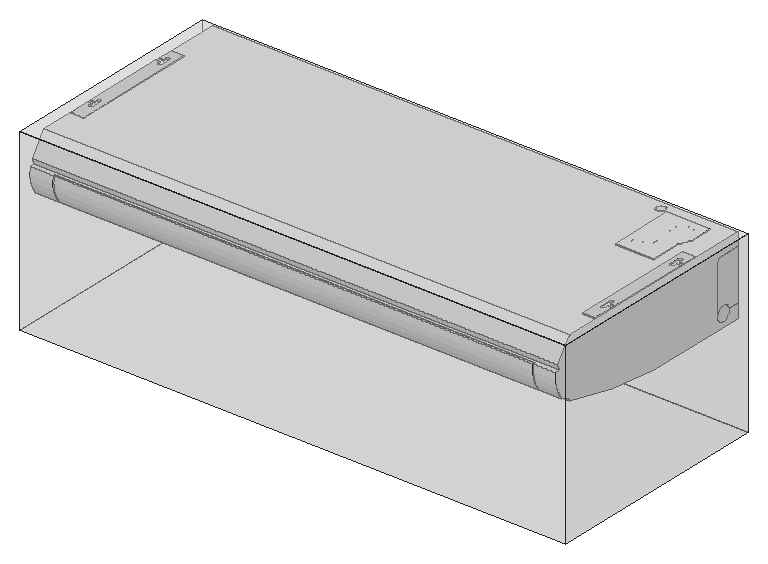
Revit family "outputfile", category 機械設備, Revit 2024
Family settings
  丸型コネクタ寸法 = 半径を使用
  パーツ タイプ = 標準
  OmniClass 番号 = 23.75.10.24.21.27.27
  OmniClass タイトル = Split System Air Conditioning Units
  作業面ベース = いいえ
  常に垂直 = はい
  ロード時にボイドで切り取り = いいえ
  注釈の向きを維持 = いいえ
  共有 = いいえ
  部屋計算ポイント = はい
Parameters (values of type "FHA140CVMA")
  製造元 = "Daikin"
  書き出し IFC クラス(タイプ) = "IfcUnitaryEquipmentType"
  定義済み IFC タイプ(タイプ) = "AIRCONDITIONINGUNIT"
  モデル = "FHA140CVMA"
  switch_frequency = yes
  r_Liquid Pipe Size = Liquid Pipe Size / 2  # 4.75 mm
  r_Gas Pipe Size = Gas Pipe Size / 2  # 7.95 mm
  r_Drain Pipe Size = Drain Pipe Size / 2  # 10.0 mm
  l_powersupply [instance] = if(Rear Right Connection_powersupply, 29.0 mm, 175.0 mm)  # 29.0 mm
  h_mountinghole = 2.0 mm
  connector_voltage = Voltage_50Hz  # 230 V
  connector_powerinput = [Power Input (Cooling)]  # 5.400 kW
  connector_phase = Phase_50Hz  # 1
  angle_vertical_powersupply [instance] = if(Rear Right Connection_powersupply, 90.00°, 180.00°)  # 90.00°
  angle_vertical_drainpipe [instance] = if(or(Left Connection_drainpipe, Right Connection_drainpipe), 90.00°, if(Top Connection_drainpipe, 180.00°, -90.00°))  # -90.00°
  angle_horizontal_powersupply [instance] = if(Rear Right Connection_powersupply, 180.00°, 0.00°)  # 180.00°
  angle_horizontal_drainpipe [instance] = if(Right Connection_drainpipe, 90.00°, if(Left Connection_drainpipe, -90.00°, 0.00°))  # 0.00°
  Voltage_comment_60Hz = "220-230"
  Voltage_comment_50Hz = "220-240"
  Voltage_60Hz = 220 V
  Voltage_50Hz = 230 V
  Total Heating Capacity [instance] = 0.000 kW
  Top Connection_refrigerant [instance] = no
  Top Connection_powersupply [instance] = not(Rear Right Connection_powersupply)  # no
  Right Connection_refrigerant [instance] = no
  Rear Right Connection_refrigerant [instance] = yes
  Phase_60Hz = 1
  Phase_50Hz = 1
  Material_Casing = DAIKIN_White_Casing_indoorunit
  lw_powersupply [instance] = if(Rear Right Connection_powersupply, 220.0 mm, 210.0 mm)  # 220.0 mm
  lw_mountinghole_pitch = Width - 40.0 mm  # 1550.0 mm
  lw_mountinghole = 20.0 mm
  lw_liquidpipe [instance] = if(Right Connection_refrigerant, 156.0 mm, if(Top Connection_refrigerant, 156.0 mm, 136.0 mm))  # 136.0 mm
  lw_gaspipe = 105.0 mm
  lw_drainpipe [instance] = if(Top Connection_drainpipe, 102.0 mm, if(Width = 960.0 mm, if(or(Left Connection_drainpipe, Rear Left Connection_drainpipe), 884.0 mm, 83.0 mm), if(Width = 1270.0 mm, if(or(Left Connection_drainpipe, Rear Left Connection_drainpipe), 1194.0 mm, 83.0 mm), if(Width = 1590.0 mm, if(or(Left Connection_drainpipe, Rear Left Connection_drainpipe), 1514.0 mm, 83.0 mm), 83.0 mm))))  # 83.0 mm
  lh_powersupply = 175.0 mm
  lh_liquidpipe [instance] = if(Rear Right Connection_refrigerant, 160.0 mm, 131.0 mm)  # 160.0 mm
  lh_gaspipe [instance] = if(Rear Right Connection_refrigerant, 150.0 mm, 91.0 mm)  # 150.0 mm
  lh_drainpipe = 197.0 mm
  l_antena = 1.0 mm
  ld_powersupply = 30.0 mm
  ld_mountinghole_pitch = 260.0 mm
  ld_mountinghole = 210.0 mm
  ld_liquidpipe [instance] = if(Right Connection_refrigerant, 57.0 mm, if(Top Connection_refrigerant, 189.0 mm, 221.0 mm))  # 221.0 mm
  ld_gaspipe [instance] = if(Right Connection_refrigerant, 57.0 mm, if(Top Connection_refrigerant, 163.0 mm, 214.0 mm))  # 214.0 mm
  ld_drainpipe [instance] = if(or(Left Connection_drainpipe, Right Connection_drainpipe), 57.0 mm, if(Top Connection_drainpipe, 87.0 mm, 268.0 mm))  # 268.0 mm
  l_liquidpipe_length [instance] = if(Right Connection_refrigerant, 156.0 mm, if(Top Connection_refrigerant, 131.0 mm, 220.0 mm))  # 220.0 mm
  l_gaspipe_length [instance] = if(Right Connection_refrigerant, 105.0 mm, if(Top Connection_refrigerant, 91.0 mm, 213.0 mm))  # 213.0 mm
  l_drainpipe_length [instance] = if(Right Connection_drainpipe, 83.0 mm, if(Top Connection_drainpipe, 197.0 mm, if(Left Connection_drainpipe, 76.0 mm, 267.0 mm)))  # 267.0 mm
  h*** = 0.0 mm
  angle_vertical [instance] = if(Right Connection_refrigerant, 90.00°, if(Top Connection_refrigerant, 180.00°, -90.00°))  # -90.00°
  angle_horizontal [instance] = if(Right Connection_refrigerant, 90.00°, 0.00°)  # 0.00°
  Width = 1590.0 mm
  Version = "ver.1.0"
  Unit Type = "Ceiling"
  Unit Mass Weight = 38.00 kg
  Unit Designation [instance] = ""
  Uniclass2015Version = "Products v1.30"
  Uniclass2015Title = "Split coil room air conditioning units"
  Uniclass2015Code = "Pr_70_65_03_86"
  Total Cooling Capacity [instance] = 0.000 kW
  Top Connection_drainpipe [instance] = no
  Sound Pressure Level_M speed (dBA) = 42
  Sound Pressure Level_L speed (dBA) = 38
  Sound Pressure Level_H speed (dBA) = 46
  Series = "SkyAir_Fan Coil Unit"
  Sensible Cooling Capacity [instance] = 0.000 kW
  Rear Right Connection_drainpipe [instance] = yes
  Rear Right Connection_powersupply [instance] = yes
  Right Connection_drainpipe [instance] = no
  Refrigerant Type = "R32"
  Power Input (Cooling) = 5.400 kW
  Option Accessory 3 [instance] = ""
  Option Accessory 2 [instance] = ""
  Option Accessory 1 [instance] = ""
  Nominal Cooling Capacity = 14.000 kW
  Minimum Airflow = 1440.00 m³/h
  Median Airflow = 1740.00 m³/h
  Maximum Airflow = 2040.00 m³/h
  Load Classification = HVAC
  Liquid Pipe Size = 9.5 mm
  Link_Nested Family [instance] = ""
  Rear Left Connection_drainpipe [instance] = no
  Left Connection_drainpipe [instance] = no
  IfcVersion = ""
  IfcExportType = "AIRCONDITIONINGUNIT"
  IfcExportAs = "IfcUnitaryEquipmentType"
  Height = 235.0 mm
  Heating Entering Wet Bulb Temperature [instance] = -273.15 °C
  Heating Entering Dry Bulb Temperature [instance] = -273.15 °C
  Heating Ambient Wet Bulb Temperature [instance] = -273.15 °C
  Heating Ambient Dry Bulb Temperature [instance] = -273.15 °C
  Heat Exchanger Type = "Cross Fin Coil"
  Gas Pipe Size = 15.9 mm
  Frequency_60Hz = 60 Hz
  Frequency_50Hz = 50 Hz
  Fan Type = "Sirocco Fan"
  Fan Drive = "Direct Drive"
  FCU Tag No. [instance] = ""
  Drain Pipe Size = 20.0 mm
  Design Supply Airflow [instance] = 0.00 m³/h
  Design Outdoor Airflow [instance] = 0.00 m³/h
  Depth = 690.0 mm
  既定の高さ = 0.0 mm
  Cooling Entering Wet Bulb Temperature [instance] = 0.00 °C
  Cooling Entering Dry Bulb Temperature [instance] = 0.00 °C
  Cooling Ambient Wet Bulb Temperature [instance] = 0.00 °C
  Cooling Ambient Dry Bulb Temperature [instance] = 0.00 °C
  Clearance visibility [instance] = yes
  Clearance Top = 5.0 mm
  Clearance Right = 30.0 mm
  Clearance Rear = 0.0 mm
  Clearance Left = 30.0 mm
  Clearance Front = 0.0 mm
  Clearance Bottom = 300.0 mm
Reference planes
  plane 1 "Back": y = 0
  plane 2: z = 0
  plane 3 "Center (Left/Right)": x = 0
  plane 4 "Center (Front/Back)": y = -1
  plane 5 "Front": y = -690
  plane 6 "Left": x = -795
  plane 7 "Right": x = 795
  plane 8 "Top": z = 0
  plane 9 "Bottom": z = -235
  plane 10: y = -690
  plane 11: x = -825
  plane 12: x = 825
  plane 13: z = 5
  plane 14: z = -535
  plane 15: y = 0
  plane 16 "lw_mountinghole": x = -775
  plane 17 "lw_mountinghole2": x = 775
  plane 18 "ld_mountinghole": y = -210
  plane 19 "ld_mountinghole2": y = -470
  plane 20 "lw_gaspipe": x = 690
  plane 21 "ld_gaspipe": y = -214
  plane 22 "lh_gaspipe": z = -150
  plane 23 "lw_liquidpipe": x = 659
  plane 24 "ld_liquidpipe": y = -221
  plane 25 "lh_liquidpipe": z = -160
  plane 26 "ld_drainpipe": y = -268
  plane 27 "lw_drainpipe": x = 712
  plane 28 "lh_drainpipe": z = -197
  plane 29 "lw_powersupply": x = 575
  plane 30 "lh_powersupply": z = -175
  plane 31 "ld_powersupply": y = -30
  plane 32: x = -725.5
  plane 33: x = 725.5
  plane 34: x = -750
  plane 35: x = 750
  plane 36: x = -2
  plane 37: x = 2
Forms (mm)
  Extrusion 1, solid, material "DAIKIN_White_Casing_indoorunit" <- "Material_Casing"
    sketch origin (0, 0, 0) x (0, 1, 0) y (0, 0, 1)
      loop
        line (-639.277, 0) -> (-680.876, -61.699) -> (-675.026, -77.772)
        arc (-675.026, -77.772) -> (-681.815, -78.743) -> (-688.601, -79.732) r 2634.132
        arc (-688.601, -79.732) -> (-687.018, -121.096) -> (-669.159, -158.439) r 102.2
        line (-669.159, -158.439) -> (-639.858, -169.325) -> (-635.895, -178.261)
        arc (-635.895, -178.261) -> (-479.121, -215.759) -> (-319.077, -235) r 1400.997
        line (-319.077, -235) -> (-1, -235) -> (-1, 0) -> (-639.277, 0)
    from -795 to 795
  Extrusion 2, solid, material "DAIKIN_White_Casing_indoorunit" <- "Material_Casing"
    sketch origin (0, 0, 0) x (0, 1, 0) y (0, 0, 1)
      loop
        arc (-688.601, -79.732) -> (-687.018, -121.096) -> (-669.159, -158.439) r 102.2
        line (-669.159, -158.439) -> (-665.589, -154.869)
        arc (-665.589, -154.869) -> (-682.432, -118.783) -> (-683.39, -78.971) r 97.2
        arc (-683.39, -78.971) -> (-685.996, -79.351) -> (-688.601, -79.732) r 2634.132
    from -725.5 to 725.5
  Extrusion 3, void
    sketch origin (0, 0, 0) x (0, 1, 0) y (0, 0, 1)
      loop
        line (-301.098, -235) -> (-21.098, -235) -> (-21.098, -230) -> (-301.098, -230) -> (-301.098, -235)
    from -750 to 750
  Extrusion 4, solid, material "DAIKIN_White_Grille_indoorunit"
    sketch origin (0, 0, 0) x (0, 1, 0) y (0, 0, 1)
      loop
        line (-20.098, -230) -> (-301.098, -230) -> (-301.098, -235) -> (-20.098, -235) -> (-20.098, -230)
    from -750 to -2
  Extrusion 5, solid, material "DAIKIN_White_Casing_indoorunit" <- "Material_Casing"
    sketch origin (0, 0, 0) x (1, 0, 0) y (0, 0, 1)
      loop
        line (602, -63) -> (602, -178) -> (673, -220) -> (736, -220) -> (736, -63) -> (602, -63)
    from 0 to 1
  Extrusion 6, solid, material "DAIKIN_White_Casing_indoorunit" <- "Material_Casing"
    sketch origin (0, 0, 0) x (-1, 0, 0) y (0, -1, 0)
      loop
        line (-607, 35) -> (-607, 230) -> (-723, 230) -> (-723, 135) -> (-738, 105) -> (-738, 35) -> (-607, 35)
    from 0 to 1.9
  Extrusion 7, void
    sketch origin (795, 0, 0) x (0, 1, 0) y (0, 0, 1)
      loop
        arc (-79.5, -197) -> (-55.446, -219.446) -> (-34.715, -193.9) r 22.5
        line (-34.715, -193.9) -> (-1, -193.9) -> (-1, -192.1) -> (-35.04, -192.1)
        arc (-35.04, -192.1) -> (-54.942, -174.594) -> (-77.7, -188.182) r 22.5
        line (-77.7, -188.182) -> (-77.7, -45)
        arc (-77.7, -45) -> (-76.528, -42.172) -> (-73.7, -41) r 4
        line (-73.7, -41) -> (-1, -41) -> (-1, -39.2) -> (-73.7, -39.2)
        arc (-73.7, -39.2) -> (-77.801, -40.899) -> (-79.5, -45) r 5.8
        line (-79.5, -45) -> (-79.5, -197)
      loop
        circle (-57, -197) r 20.7
    from 0 to -10
  Extrusion 8, void
    sketch origin (-1444.026, -1, 1200) x (1, 0, 0) y (0, 0, 1)
      loop
        arc (715.026, -1375) -> (704.42, -1379.393) -> (700.026, -1390) r 15
        line (700.026, -1390) -> (700.026, -1400)
        arc (700.026, -1400) -> (704.42, -1410.607) -> (715.026, -1415) r 15
        line (715.026, -1415) -> (745.026, -1415)
        arc (745.026, -1415) -> (755.633, -1410.607) -> (760.026, -1400) r 15
        line (760.026, -1400) -> (760.026, -1390)
        arc (760.026, -1390) -> (755.633, -1379.393) -> (745.026, -1375) r 15
        line (745.026, -1375) -> (715.026, -1375)
    from 0 to 10
  Extrusion 9, void
    sketch origin (-795, 0, 0) x (0, 1, 0) y (0, 0, 1)
      loop
        circle (-57, -197) r 22.5
    from 0 to 10
  Extrusion 10, void
    sketch origin (-1444.026, -1, 1200) x (1, 0, 0) y (0, 0, 1)
      loop
        circle (2136.026, -1375) r 44
    from 0 to 10
  Extrusion 11, void
    sketch origin (0, 0, 0) x (-1, 0, 0) y (0, -1, 0)
      loop
        circle (-693, 87) r 30
    from 0 to -10
  Extrusion 12, void
    sketch origin (0, 0, 0) x (-1, 0, 0) y (0, -1, 0)
      loop
        circle (-690, 163) r 18
    from 0 to -10
  Extrusion 13, void
    sketch origin (0, 0, 0) x (-1, 0, 0) y (0, -1, 0)
      loop
        circle (-639, 189) r 13
    from 0 to -10
  Extrusion 14, void
    sketch origin (-1444.026, -1, 1200) x (1, 0, 0) y (0, 0, 1)
      loop
        circle (2019.026, -1375) r 14.5
    from 0 to 10
  Extrusion 15, void
    sketch origin (0, 0, 0) x (-1, 0, 0) y (0, -1, 0)
      loop
        circle (-585, 30) r 14.5
    from 0 to -10
  Extrusion 16, void
    sketch origin (795, 0, 0) x (0, 1, 0) y (0, 0, 1)
      loop
        arc (-665.589, -154.869) -> (-682.432, -118.783) -> (-683.39, -78.971) r 97.2
        arc (-683.39, -78.971) -> (-685.996, -79.351) -> (-688.601, -79.732) r 2634.132
        arc (-688.601, -79.732) -> (-687.018, -121.096) -> (-669.159, -158.439) r 102.2
        line (-669.159, -158.439) -> (-665.589, -154.869)
    from -69.5 to -1520.5
  Extrusion 17, solid, material "DAIKIN_White_Casing_indoorunit" <- "Material_Casing"
    sketch origin (-795, 0, 0) x (0, 1, 0) y (0, 0, 1)
      loop
        circle (-57, -197) r 22.5
    from 0 to 10
  Extrusion 18, solid, material "DAIKIN_White_Grille_indoorunit"
    sketch origin (780, 0, 0) x (0, 1, 0) y (0, 0, 1)
      loop
        line (-20.098, -230) -> (-301.098, -230) -> (-301.098, -235) -> (-20.098, -235) -> (-20.098, -230)
    from -782 to -778
  Extrusion 19, solid, material "DAIKIN_White_Grille_indoorunit"
    sketch origin (0, 0, 0) x (0, 1, 0) y (0, 0, -1)
      loop
        line (-20.098, 230) -> (-20.098, 235) -> (-301.098, 235) -> (-301.098, 230) -> (-20.098, 230)
    from -750 to -2
Cuts and joins
  Extrusion 3, Extrusion 7, Extrusion 8, Extrusion 9, Extrusion 10, Extrusion 11, Extrusion 12, Extrusion 13, Extrusion 14, Extrusion 15, Extrusion 16 cuts Extrusion 1
Lines and regions (mm)
  reference lines
    curve 1: line (795, -580.282, -192.75) -> (795, -551.225, -200.21)
Dimensions and locks
  equal spacing: plane 6 "Left", plane 3 "Center (Left/Right)", plane 7 "Right"
  "Width": plane 6 "Left" to plane 7 "Right"
  "Depth": plane 5 "Front" to plane 1 "Back"
  "Height": plane 8 "Top" to plane 9 "Bottom"
  "Clearance Front": plane 10 to plane 5 "Front"
  "Clearance Left": plane 11 to plane 6 "Left"
  "Clearance Right": plane 7 "Right" to plane 12
  "Clearance Top": plane 13 to plane 8 "Top"
  "Clearance Bottom": plane 9 "Bottom" to plane 14
  "Clearance Rear": plane 1 "Back" to plane 15
  locked: plane 4 "Center (Front/Back)" to plane 1 "Back" at 1
  locked: Extrusion 1 sketch curve to Extrusion 1 sketch curve at 235
  locked: Extrusion 1 sketch curve to Extrusion 1 sketch curve at 318.077
  locked: Extrusion 1 sketch curve to Extrusion 1 sketch curve at 1163.297
  locked: Extrusion 1 sketch curve to Extrusion 1 sketch curve at 231.144
  Extrusion 3 sketch curve to Extrusion 3 sketch curve to plane 1 "Back" = 280.0 mm locked, 21.098 mm locked
  "ld_mountinghole": plane 18 "ld_mountinghole" to plane 1 "Back"
  "ld_mountinghole_pitch": plane 18 "ld_mountinghole" to plane 19 "ld_mountinghole2"
  "lw_mountinghole_pitch": plane 16 "lw_mountinghole" to plane 17 "lw_mountinghole2"
  "lw_mountinghole": plane 6 "Left" to plane 16 "lw_mountinghole"
  "lw_gaspipe": plane 20 "lw_gaspipe" to plane 7 "Right"
  "ld_gaspipe": plane 1 "Back" to plane 21 "ld_gaspipe"
  "lw_liquidpipe": plane 23 "lw_liquidpipe" to plane 7 "Right"
  "ld_liquidpipe": plane 1 "Back" to plane 24 "ld_liquidpipe"
  "lw_drainpipe": plane 27 "lw_drainpipe" to plane 7 "Right"
  "ld_drainpipe": plane 26 "ld_drainpipe" to plane 1 "Back"
  plane 8 "Top" to Extrusion 5 sketch curve to Extrusion 5 sketch curve = 63.0 mm locked, 157.0 mm locked
  plane 7 "Right" to Extrusion 5 sketch curve to Extrusion 5 sketch curve = 59.0 mm locked, 134.0 mm locked
  locked: Extrusion 5 sketch curve to Extrusion 5 sketch curve at 115
  locked: Extrusion 5 sketch curve to Extrusion 5 sketch curve at 63
  locked: Extrusion 6 sketch curve to Extrusion 6 sketch curve at 195
  locked: Extrusion 6 sketch curve to Extrusion 6 sketch curve at 116
  locked: Extrusion 6 sketch curve to Extrusion 6 sketch curve at 131
  locked: Extrusion 6 sketch curve to Extrusion 6 sketch curve at 100
  locked: Extrusion 6 sketch curve to plane 1 "Back" at 35
  locked: Extrusion 6 sketch curve to plane 7 "Right" at 57
  locked: Extrusion 8 sketch curve to Extrusion 8 sketch curve at 40
  locked: Extrusion 8 sketch curve to Extrusion 8 sketch curve at 60
  locked: plane 8 "Top" to Extrusion 8 sketch curve at 175
  locked: Extrusion 8 sketch curve to plane 6 "Left" at 51
  locked: plane 7 "Right" to Extrusion 10 sketch curve at 103
  locked: plane 8 "Top" to Extrusion 10 sketch curve at 175
  locked: Extrusion 11 sketch curve to plane 1 "Back" at 87
  locked: Extrusion 11 sketch curve to plane 7 "Right" at 102
  locked: Extrusion 12 sketch curve to plane 1 "Back" at 163
  locked: Extrusion 12 sketch curve to plane 7 "Right" at 105
  locked: Extrusion 13 sketch curve to plane 1 "Back" at 189
  locked: Extrusion 13 sketch curve to plane 7 "Right" at 156
  "lw_powersupply": plane 29 "lw_powersupply" to plane 7 "Right"
  "lh_gaspipe": plane 8 "Top" to plane 22 "lh_gaspipe"
  "lh_liquidpipe": plane 8 "Top" to plane 25 "lh_liquidpipe"
  "lh_powersupply": plane 8 "Top" to plane 30 "lh_powersupply"
  "lh_drainpipe": plane 8 "Top" to plane 28 "lh_drainpipe"
  "ld_powersupply": plane 1 "Back" to plane 31 "ld_powersupply"
  locked: plane 8 "Top" to Extrusion 7 sketch curve at 197
  locked: Extrusion 7 sketch curve to plane 1 "Back" at 57
  locked: plane 9 "Bottom" to Extrusion 7 sketch curve at 41.1
  locked: Extrusion 7 sketch curve to plane 8 "Top" at 41
  locked: Extrusion 7 sketch curve to plane 1 "Back" at 79.5
  locked: Extrusion 9 sketch curve to plane 1 "Back" at 57
  locked: plane 8 "Top" to Extrusion 9 sketch curve at 197
  locked: Extrusion 17 sketch curve to plane 1 "Back" at 57
  locked: plane 8 "Top" to Extrusion 17 sketch curve at 197
  locked: plane 7 "Right" to Extrusion 14 sketch curve at 220
  locked: plane 8 "Top" to Extrusion 14 sketch curve at 175
  locked: Extrusion 15 sketch curve to plane 7 "Right" at 210
  locked: Extrusion 15 sketch curve to plane 1 "Back" at 30
  locked: curve 1 to plane 9 "Bottom" at 34.79
  locked: curve 1 to plane 9 "Bottom" at 42.25
  locked: plane 6 "Left" to plane 32 at 69.5
  locked: plane 33 to plane 7 "Right" at 69.5
  locked: plane 35 to plane 7 "Right" at 45
  locked: plane 6 "Left" to plane 34 at 45
  plane 36 to plane 3 "Center (Left/Right)" to plane 37 = 2.0 mm locked, 2.0 mm locked
  locked: curve 1 to plane 9 "Bottom" (angle 14.40°)
  aligned and locked: level to plane 2
  aligned and locked: nested 1 to plane 11
  aligned and locked: nested 1 to plane 12
  aligned and locked: nested 1 to plane 10
  aligned and locked: plane 13 to nested 1
  aligned and locked: plane 14 to nested 1
  aligned and locked: plane 15 to nested 1
  aligned and locked: Extrusion 1 sketch curve to plane 8 "Top"
  aligned and locked: Extrusion 2 sketch curve to Extrusion 1  (x2)
  aligned and locked: plane 7 "Right" to Extrusion 1
  aligned and locked: Extrusion 1 to plane 6 "Left"
  aligned and locked: cut or joined group 1 (Extrusion 1, Extrusion 3, Extrusion 7, Extrusion 8, Extrusion 9, Extrusion 10, Extrusion 11, Extrusion 12, Extrusion 13, Extrusion 14, Extrusion 15, Extrusion 16) to Extrusion 3 sketch curve
  aligned and locked: cut or joined group 1 to Extrusion 4 sketch curve
  aligned and locked: Extrusion 5 to plane 4 "Center (Front/Back)"
  aligned and locked: Extrusion 7 sketch curve to plane 4 "Center (Front/Back)"
  aligned and locked: Extrusion 16 sketch curve to Extrusion 2  (x4)
  aligned and locked: Extrusion 16 to Extrusion 2  (x2)
  aligned and locked: nested 2 to plane 26 "ld_drainpipe"
  aligned and locked: plane 27 "lw_drainpipe" to nested 2
  aligned and locked: plane 20 "lw_gaspipe" to nested 3
  aligned and locked: nested 3 to plane 21 "ld_gaspipe"
  aligned and locked: plane 23 "lw_liquidpipe" to nested 4
  aligned and locked: nested 4 to plane 24 "ld_liquidpipe"
  aligned and locked: plane 25 "lh_liquidpipe" to nested 4
  aligned and locked: nested 5 to plane 31 "ld_powersupply"
  aligned and locked: plane 29 "lw_powersupply" to nested 5
  aligned and locked: nested 7 to plane 18 "ld_mountinghole"
  aligned and locked: plane 16 "lw_mountinghole" to nested 7
  aligned and locked: nested 6 to plane 19 "ld_mountinghole2"
  aligned and locked: plane 16 "lw_mountinghole" to nested 6
  aligned and locked: nested 9 to plane 18 "ld_mountinghole"
  aligned and locked: plane 17 "lw_mountinghole2" to nested 9
  aligned and locked: plane 17 "lw_mountinghole2" to nested 8
  aligned and locked: nested 8 to plane 19 "ld_mountinghole2"
  aligned and locked: nested 10 to curve 1
  aligned and locked: level to plane 8 "Top"
  aligned and locked: cut or joined group 1 to plane 32
  aligned and locked: plane 33 to cut or joined group 1
  aligned and locked: Extrusion 16 to plane 32
  aligned and locked: plane 33 to Extrusion 16
  aligned and locked: Extrusion 4 to plane 34
  aligned and locked: cut or joined group 1 to plane 34
  aligned and locked: plane 34 to Extrusion 4  (x3)
  aligned and locked: plane 16 "lw_mountinghole" to nested 11
  aligned and locked: plane 17 "lw_mountinghole2" to nested 12
  aligned and locked: plane 36 to Extrusion 4
  aligned and locked: Extrusion 18 to plane 36
  aligned and locked: plane 37 to Extrusion 18
  aligned and locked: Extrusion 19 to plane 37
  aligned and locked: plane 37 to Extrusion 19
  aligned and locked: plane 35 to Extrusion 19
  aligned and locked: plane 35 to Extrusion 3
  aligned and locked: Extrusion 4 to cut or joined group 1
  aligned and locked: cut or joined group 1 to Extrusion 18
  aligned and locked: cut or joined group 1 to Extrusion 19
Automatic sketch dimensions
  Extrusion 1 sketch curve to plane 4 "Center (Front/Back)" = 0.0 mm
  Extrusion 1 sketch curve to plane 5 "Front" = 102.2 mm
  Extrusion 1 sketch curve to plane 30 "lh_powersupply" = 3.261 mm
  Extrusion 1 sketch curve to plane 5 "Front" = 50.723 mm
  plane 30 "lh_powersupply" to Extrusion 1 sketch curve = 5.675 mm
  Extrusion 1 sketch curve to Extrusion 1 sketch curve = 3.963 mm
  plane 25 "lh_liquidpipe" to Extrusion 1 sketch curve = 1.561 mm
  Extrusion 1 sketch curve to plane 5 "Front" = 20.841 mm
  Extrusion 1 sketch curve to plane 5 "Front" = 14.974 mm
  Extrusion 1 sketch curve to plane 5 "Front" = 9.124 mm
  Extrusion 1 sketch curve to plane 26 "ld_drainpipe" = 37.278 mm
  Extrusion 1 sketch curve to plane 14 = 2150.825 mm
  plane 22 "lh_gaspipe" to Extrusion 1 sketch curve = 53.413 mm
  Extrusion 1 sketch curve to level = 77.772 mm
  Extrusion 1 sketch curve to Extrusion 1 sketch curve = 16.072 mm
  Extrusion 2 sketch curve to Extrusion 2 sketch curve = 0.0 mm  (x2)
  plane 25 "lh_liquidpipe" to Extrusion 2 sketch curve = 1.561 mm
  Extrusion 2 sketch curve to plane 22 "lh_gaspipe" = 4.869 mm
  Extrusion 2 sketch curve to Extrusion 2 sketch curve = 3.57 mm
  Extrusion 3 sketch curve to Extrusion 3 sketch curve = 5.0 mm
  plane 31 "ld_powersupply" to Extrusion 4 sketch curve = 9.902 mm
  Extrusion 4 sketch curve to Extrusion 4 sketch curve = 5.0 mm
  Extrusion 6 sketch curve to Extrusion 6 sketch curve = 30.0 mm
  Extrusion 7 sketch curve to Extrusion 7 sketch curve = 0.0 mm  (x6)
  Extrusion 7 sketch curve to plane 4 "Center (Front/Back)" = 0.0 mm
  Extrusion 7 sketch curve to Extrusion 7 sketch curve = 1.8 mm  (x2)
  Extrusion 7 sketch curve to Extrusion 7 sketch curve = 4.0 mm
  Extrusion 7 sketch curve to Extrusion 7 sketch curve = 0.325 mm
  Extrusion 8 sketch curve to plane 32 = 3.5 mm  (x2)
  Extrusion 8 sketch curve to plane 28 "lh_drainpipe" = 3.0 mm
  Extrusion 8 sketch curve to Extrusion 8 sketch curve = 15.0 mm
  curve 1 to plane 5 "Front" = 109.718 mm
  Extrusion 18 sketch curve to plane 9 "Bottom" = 0.0 mm
  plane 9 "Bottom" to Extrusion 18 sketch curve = 5.0 mm
  Extrusion 18 sketch curve to plane 26 "ld_drainpipe" = 33.098 mm
  plane 31 "ld_powersupply" to Extrusion 18 sketch curve = 9.902 mm
  Extrusion 19 sketch curve to plane 9 "Bottom" = 0.0 mm
  plane 9 "Bottom" to Extrusion 19 sketch curve = 5.0 mm
  Extrusion 19 sketch curve to plane 26 "ld_drainpipe" = 33.098 mm
  plane 31 "ld_powersupply" to Extrusion 19 sketch curve = 9.902 mm
  Extrusion 4 sketch curve to plane 26 "ld_drainpipe" = 33.098 mm
  radius of Extrusion 7 sketch curve = 20.7 mm
  radius of Extrusion 9 sketch curve = 22.5 mm
  radius of Extrusion 10 sketch curve = 44.0 mm
  radius of Extrusion 11 sketch curve = 30.0 mm
  radius of Extrusion 12 sketch curve = 18.0 mm
  radius of Extrusion 13 sketch curve = 13.0 mm
  radius of Extrusion 14 sketch curve = 14.5 mm
  radius of Extrusion 15 sketch curve = 14.5 mm
  radius of Extrusion 17 sketch curve = 22.5 mm
Nested families
  nested 1: "daikin_clearancespace" at (0, -345, -264.881), visible <- "Clearance visibility", show <- "Clearance visibility", Link_Nested Family <- "Link_Nested Family", type "daikin_clearancespace"
    with width 1650.0 mm, show yes, height 540.0 mm, depth 690.0 mm, Link_Nested Family ""
  nested 2: "daikin_connector_rotate3" at (712, -268, -197), radius <- "r_Drain Pipe Size", angle_vertical <- "angle_vertical_drainpipe", angle_horizontal <- "angle_horizontal_drainpipe", length <- "l_drainpipe_length", type "daikin_connector_rotate3"
    with show no, radius 10.0 mm, length 267.0 mm, angle_vertical -90.00°, angle_horizontal 0.00°
  nested 3: "daikin_connector_rotate3" at (690, -214, -150), radius <- "r_Gas Pipe Size", angle_vertical <- "angle_vertical", angle_horizontal <- "angle_horizontal", length <- "l_gaspipe_length", type "daikin_connector_rotate3"
    with show no, radius 7.95 mm, length 213.0 mm, angle_vertical -90.00°, angle_horizontal 0.00°
  nested 4: "daikin_connector_rotate3" at (659, -221, -160), radius <- "r_Liquid Pipe Size", angle_vertical <- "angle_vertical", angle_horizontal <- "angle_horizontal", length <- "l_liquidpipe_length", type "daikin_connector_rotate3"
    with show no, radius 4.75 mm, length 220.0 mm, angle_vertical -90.00°, angle_horizontal 0.00°
  nested 5: "daikin_connector_rotate3" at (575, -30, -175), length <- "l_powersupply", angle_vertical <- "angle_vertical_powersupply", angle_horizontal <- "angle_horizontal_powersupply", type "daikin_connector_rotate3"
    with show no, radius 10.0 mm, length 29.0 mm, angle_vertical 90.00°, angle_horizontal 180.00°
  nested 6: "daikin_mountinghole" at (-775, -470, 0), l_antenna <- "l_antena", Link_Nested Family <- "Link_Nested Family", h_mountinghole <- "h_mountinghole", type "daikin_mountinghole"
    with show yes, l_antenna 1.0 mm, h_mountinghole 2.0 mm, Link_Nested Family ""
  nested 7: "daikin_mountinghole" at (-775, -210, 0), l_antenna <- "l_antena", Link_Nested Family <- "Link_Nested Family", h_mountinghole <- "h_mountinghole", type "daikin_mountinghole"
    with show yes, l_antenna 1.0 mm, h_mountinghole 2.0 mm, Link_Nested Family ""
  nested 8: "daikin_mountinghole" at (775, -470, 0), l_antenna <- "l_antena", Link_Nested Family <- "Link_Nested Family", h_mountinghole <- "h_mountinghole", type "daikin_mountinghole"
    with show yes, l_antenna 1.0 mm, h_mountinghole 2.0 mm, Link_Nested Family ""
  nested 9: "daikin_mountinghole" at (775, -210, 0), Link_Nested Family <- "Link_Nested Family", l_antenna <- "l_antena", h_mountinghole <- "h_mountinghole", type "daikin_mountinghole"
    with show yes, l_antenna 1.0 mm, h_mountinghole 2.0 mm, Link_Nested Family ""
  nested 10: "daikin_logo_plane_w40" at (647.963, -559.801, -198.008) x (1, 0, 0) z (0, -0.2487, -0.9686), type "daikin_logo_plane_w40"
    with show_logo yes
  nested 11: "daikin_hangerfixture_FHA-CVMA" at (-775, 0, 0), type "daikin_hangerfixture_FHA-CVMA"
    with width 38.0 mm, height 2.0 mm, depth 380.0 mm
  nested 12: "daikin_hangerfixture_FHA-CVMA" at (775, 0, 0) x (-1, 0, 0) z (0, 0, 1), type "daikin_hangerfixture_FHA-CVMA"
    with width 38.0 mm, height 2.0 mm, depth 380.0 mm
Connectors
  piping at (712, -1, -197), diameter 20, driven by "r_Drain Pipe Size"
    settings: on nested 2, index 1, connector inside diameter 609.6 mm, connector length 0.0 mm, flow factor 0, pipe flow 0.00 m³/h, pressure drop 0.0 Pa, fitting loss kfactor 0, connector angle 0.00°, fixture units 0, engagement length 0.0 mm, angle of deflection 0.00°, flow configuration 1, flow direction 2, fitting loss method 4, system type 16, joint type 0, gender type 0, connector reference index -1, connector utility 0, adjustable connector no, is connector primary yes, connector description "Condensate Drain Piping"
  piping at (690, -1, -150), diameter 15.9, driven by "r_Gas Pipe Size"
    settings: on nested 3, index 3, connector inside diameter 609.6 mm, connector length 0.0 mm, flow factor 0, pipe flow 0.00 m³/h, pressure drop 0.0 Pa, fitting loss kfactor 0, connector angle 0.00°, fixture units 0, engagement length 0.0 mm, angle of deflection 0.00°, flow configuration 1, flow direction 2, fitting loss method 0, system type 29, joint type 0, gender type 0, connector reference index -1, connector utility 0, adjustable connector no, is connector primary no, connector description "Refrigerant Gas Piping"
  piping at (659, -1, -160), diameter 9.5, driven by "r_Liquid Pipe Size"
    settings: on nested 4, index 4, connector inside diameter 609.6 mm, connector length 0.0 mm, flow factor 0, pipe flow 0.00 m³/h, pressure drop 0.0 Pa, fitting loss kfactor 0, connector angle 0.00°, fixture units 0, engagement length 0.0 mm, angle of deflection 0.00°, flow configuration 1, flow direction 1, fitting loss method 0, system type 29, joint type 0, gender type 0, connector reference index -1, connector utility 0, adjustable connector no, is connector primary no, connector description "Refrigerant Liquid Piping"
  electrical at (575, -1, -175), driven by "Load Classification", driven by "connector_powerinput", driven by "connector_phase", driven by "connector_voltage"
    settings: on nested 5, index 6, voltage 230 V, apparent load 5400 VA, apparent load phase1 0 VA, apparent load phase2 0 VA, apparent load phase3 0 VA, power factor 1, load classification "HVAC", number of poles 1, system type 30, power factor state 1, is connector primary yes, connector utility no, sub classification motor no, connector description "Power Supply"
Definition of nested family "daikin_clearancespace"
  Parameters (values of type "daikin_clearancespace")
    Description = "daikin_clearancespace"
    width [instance] = 1823.963 mm
    show [instance] = yes
    material = none
    height [instance] = 1359.762 mm
    depth [instance] = 880.0 mm
    Default Elevation = 0.0 mm
    Link_Nested Family [instance] = ""
  Reference planes
    plane 1 "Center (Front/Back)": y = 0
    plane 2 "Center (Elevation)": z = -0.119
    plane 3 "Center (Left/Right)": x = 0
    plane 4: y = 440
    plane 5: y = -440
    plane 6 "Right": x = 911.982
    plane 7 "Left": x = -911.982
    plane 8 "Top": z = 679.762
    plane 9 "Bottom": z = -680
  Forms (mm)
    Extrusion 1, solid, material <- "material", visible <- "show"
      sketch origin (0, 0, 0) x (1, 0, 0) y (0, 1, 0)
        loop
          line (-911.982, 440) -> (-911.982, -440) -> (911.982, -440) -> (911.982, 440) -> (-911.982, 440)
      from -680 to 679.762
  Lines and regions (mm)
    symbolic lines, visible <- "show"
      curve 1: line (911.982, 440, 0) -> (-911.982, 440, 0)
      curve 2: line (-911.982, 440, 0) -> (-911.982, -440, 0)
      curve 3: line (-911.982, -440, 0) -> (911.982, -440, 0)
      curve 4: line (911.982, -440, 0) -> (911.982, 440, 0)
      curve 5: line (911.982, 0, 679.762) -> (-911.982, 0, 679.762)
      curve 6: line (911.982, 0, -680) -> (911.982, 0, 679.762)
      curve 7: line (-911.982, 0, -680) -> (911.982, 0, -680)
      curve 8: line (-911.982, 0, 679.762) -> (-911.982, 0, -680)
      curve 9: line (0, 440, 679.762) -> (0, -440, 679.762)
      curve 10: line (0, -440, 679.762) -> (0, -440, -680)
      curve 11: line (0, 440, -680) -> (0, 440, 679.762)
      curve 12: line (0, -440, -680) -> (0, 440, -680)
  Dimensions and locks
    "width": plane 7 "Left" to plane 6 "Right"
    "depth": plane 4 to plane 5
    "height": plane 8 "Top" to plane 9 "Bottom"
    equal spacing: plane 7 "Left", plane 3 "Center (Left/Right)", plane 6 "Right"
    equal spacing: plane 4, plane 1 "Center (Front/Back)", plane 5
    equal spacing: plane 8 "Top", plane 2 "Center (Elevation)", plane 9 "Bottom"
    aligned and locked: level to plane 2 "Center (Elevation)"
    aligned and locked: Extrusion 1 sketch curve to plane 4
    aligned and locked: plane 7 "Left" to Extrusion 1 sketch curve
    aligned and locked: Extrusion 1 sketch curve to plane 5
    aligned and locked: Extrusion 1 sketch curve to plane 6 "Right"
    aligned and locked: plane 8 "Top" to Extrusion 1
    aligned and locked: curve 1 to Extrusion 1
    aligned and locked: curve 2 to Extrusion 1
    aligned and locked: curve 3 to Extrusion 1
    aligned and locked: curve 4 to Extrusion 1
    aligned and locked: curve 5 to Extrusion 1
    aligned and locked: curve 6 to Extrusion 1
    aligned and locked: curve 7 to Extrusion 1
    aligned and locked: curve 8 to Extrusion 1
    aligned and locked: curve 9 to Extrusion 1
    aligned and locked: curve 10 to Extrusion 1
    aligned and locked: curve 11 to Extrusion 1
    aligned and locked: curve 12 to Extrusion 1
    aligned and locked: Extrusion 1 to plane 9 "Bottom"
Definition of nested family "daikin_logo_plane_w40"
  Parameters (values of type "daikin_logo_plane_w40")
    width = 40.0 mm
    show_logo [instance] = yes
    material = none
    height = 0.0 mm
    depth = 0.0 mm
    Default Elevation = 1219.2 mm
  Reference planes
    plane 1 "Center (Front/Back)": y = 0
    plane 2: z = 0
    plane 3 "Center (Left/Right)": x = 0
    plane 4: z = 2
    plane 5 "left": x = -19
    plane 6: x = 19
  Forms (mm)
    Extrusion 1, solid, visible <- "show_logo"
      sketch origin (-19, 0, 0) x (1, 0, 0) y (0, 1, 0)
        loop
          line (8.902, -1.878) -> (7.789, -6.332) -> (11.13, -6.332)
          arc (11.13, -6.332) -> (12.454, -6.064) -> (13.472, -5.176) r 2.642
          arc (13.472, -5.176) -> (13.92, -4.02) -> (13.767, -2.79) r 2.537
          arc (13.767, -2.79) -> (13.452, -2.342) -> (12.982, -2.06) r 1.321
          arc (12.982, -2.06) -> (12.063, -1.902) -> (11.13, -1.878) r 6.479
          line (11.13, -1.878) -> (8.902, -1.878)
        loop
          line (10.016, -5.441) -> (10.907, -5.441)
          arc (10.907, -5.441) -> (11.591, -4.983) -> (11.988, -4.261) r 1.742
          spline (11.988, -4.261) -> (12.01, -4.155) -> (12.027, -4.03) -> (12.037, -3.893) -> (12.037, -3.747) -> (12.026, -3.598) -> (12.002, -3.451) -> (11.962, -3.31) -> (11.905, -3.181) -> (11.829, -3.069) -> (11.731, -2.978) -> (11.61, -2.913) -> (11.464, -2.88)
          line (11.464, -2.88) -> (10.573, -2.88) -> (10.016, -5.441)
        loop
          line (13.58, -6.332) -> (14.805, -6.332) -> (15.223, -5.553) -> (16.977, -5.553) -> (17.144, -6.332) -> (19.149, -6.332) -> (18.258, -1.878) -> (16.03, -1.878) -> (13.58, -6.332)
        loop
          line (16.476, -3.214) -> (15.76, -4.551) -> (16.762, -4.551) -> (16.476, -3.214)
        loop
          line (19.705, -6.332) -> (21.599, -6.332) -> (22.712, -1.878) -> (20.819, -1.878) -> (19.705, -6.332)
        loop
          line (22.712, -6.332) -> (24.606, -6.332) -> (24.908, -5.122) -> (25.831, -6.332) -> (28.17, -6.332) -> (26.388, -3.994) -> (28.949, -1.878) -> (26.945, -1.878) -> (25.401, -3.153) -> (25.719, -1.878) -> (23.826, -1.878) -> (22.712, -6.332)
        loop
          line (29.84, -1.878) -> (28.615, -6.332) -> (30.62, -6.332) -> (31.734, -1.878) -> (29.84, -1.878)
        loop
          line (31.734, -6.332) -> (33.07, -6.332) -> (33.7, -3.814) -> (34.518, -6.332) -> (36.745, -6.332) -> (37.859, -1.878) -> (36.523, -1.878) -> (35.845, -4.589) -> (34.963, -1.878) -> (32.847, -1.878) -> (31.734, -6.332)
      from 0 to 2
    Extrusion 2, solid, visible <- "show_logo"
      sketch origin (-19, 0, 0) x (1, 0, 0) y (0, 1, 0)
        loop
          line (8.7, 0) -> (4.235, 0) -> (0, -3.879) -> (0, -8) -> (8.7, 0)
      from 0 to 2
    Extrusion 3, solid, visible <- "show_logo"
      sketch origin (-19, 0, 0) x (1, 0, 0) y (0, 1, 0)
        loop
          line (0, 0) -> (0, -3.879) -> (4.235, 0) -> (0, 0)
      from 0 to 2
  Dimensions and locks
    plane 4 to plane 2 = 2.0 mm
    equal spacing: plane 5 "left", plane 3 "Center (Left/Right)", plane 6
    locked: plane 5 "left" to plane 6 at 38
    aligned and locked: level to plane 2
    aligned and locked: Extrusion 3 to plane 1 "Center (Front/Back)"  (x2)
    aligned and locked: Extrusion 2 to plane 1 "Center (Front/Back)"  (x2)
    aligned and locked: plane 4 to Extrusion 1
    aligned and locked: plane 4 to Extrusion 3
    aligned and locked: plane 4 to Extrusion 2
    aligned and locked: Extrusion 3 to plane 5 "left"
    aligned and locked: Extrusion 2 to plane 5 "left"
  Automatic sketch dimensions
    Extrusion 1 sketch curve to Extrusion 1 sketch curve = 0.901 mm
    Extrusion 1 sketch curve to Extrusion 1 sketch curve = 1.559 mm
    Extrusion 1 sketch curve to Extrusion 1 sketch curve = 1.327 mm
    Extrusion 1 sketch curve to Extrusion 1 sketch curve = 2.145 mm
    Extrusion 1 sketch curve to Extrusion 1 sketch curve = 1.448 mm
    Extrusion 1 sketch curve to Extrusion 1 sketch curve = 2.116 mm
    Extrusion 1 sketch curve to Extrusion 1 sketch curve = 1.114 mm  (x4)
    Extrusion 1 sketch curve to Extrusion 1 sketch curve = 1.336 mm  (x2)
    plane 1 "Center (Front/Back)" to Extrusion 1 sketch curve = 1.878 mm  (x5)
    Extrusion 1 sketch curve to Extrusion 1 sketch curve = 1.893 mm  (x5)
    Extrusion 1 sketch curve to Extrusion 1 sketch curve = 0.891 mm  (x4)
    Extrusion 1 sketch curve to Extrusion 1 sketch curve = 2.005 mm  (x3)
    Extrusion 1 sketch curve to Extrusion 1 sketch curve = 0.445 mm  (x2)
    plane 1 "Center (Front/Back)" to Extrusion 1 sketch curve = 3.994 mm
    Extrusion 1 sketch curve to Extrusion 1 sketch curve = 0.557 mm  (x2)
    Extrusion 1 sketch curve to Extrusion 1 sketch curve = 2.339 mm  (x2)
    Extrusion 1 sketch curve to Extrusion 1 sketch curve = 1.225 mm  (x3)
    plane 1 "Center (Front/Back)" to Extrusion 1 sketch curve = 3.153 mm
    Extrusion 1 sketch curve to Extrusion 1 sketch curve = 0.987 mm
    plane 1 "Center (Front/Back)" to Extrusion 1 sketch curve = 5.122 mm
    Extrusion 1 sketch curve to Extrusion 1 sketch curve = 0.922 mm
    plane 1 "Center (Front/Back)" to Extrusion 1 sketch curve = 6.332 mm
    Extrusion 1 sketch curve to Extrusion 1 sketch curve = 2.562 mm
    plane 1 "Center (Front/Back)" to Extrusion 1 sketch curve = 5.553 mm
    Extrusion 1 sketch curve to Extrusion 1 sketch curve = 0.167 mm
    Extrusion 1 sketch curve to Extrusion 1 sketch curve = 0.215 mm
    plane 1 "Center (Front/Back)" to Extrusion 1 sketch curve = 3.214 mm
    Extrusion 1 sketch curve to Extrusion 1 sketch curve = 0.286 mm
    plane 1 "Center (Front/Back)" to Extrusion 1 sketch curve = 4.551 mm
    Extrusion 1 sketch curve to Extrusion 1 sketch curve = 1.002 mm
    Extrusion 1 sketch curve to Extrusion 1 sketch curve = 0.537 mm
    Extrusion 1 sketch curve to Extrusion 1 sketch curve = 0.418 mm
    Extrusion 1 sketch curve to Extrusion 1 sketch curve = 1.028 mm
    plane 1 "Center (Front/Back)" to Extrusion 1 sketch curve = 4.261 mm
    Extrusion 1 sketch curve to Extrusion 1 sketch curve = 0.563 mm
    plane 1 "Center (Front/Back)" to Extrusion 1 sketch curve = 2.88 mm
    Extrusion 1 sketch curve to Extrusion 1 sketch curve = 1.088 mm
    Extrusion 1 sketch curve to Extrusion 1 sketch curve = 2.152 mm
    Extrusion 1 sketch curve to Extrusion 1 sketch curve = 0.586 mm
    Extrusion 1 sketch curve to Extrusion 1 sketch curve = 0.118 mm
    Extrusion 1 sketch curve to Extrusion 1 sketch curve = 0.298 mm
    Extrusion 1 sketch curve to Extrusion 1 sketch curve = 0.334 mm
    Extrusion 1 sketch curve to Extrusion 1 sketch curve = 0.223 mm
    Extrusion 1 sketch curve to Extrusion 1 sketch curve = 0.266 mm
    Extrusion 1 sketch curve to Extrusion 1 sketch curve = 1.671 mm
    Extrusion 1 sketch curve to Extrusion 1 sketch curve = 2.227 mm
    Extrusion 1 sketch curve to Extrusion 1 sketch curve = 0.0 mm  (x7)
    Extrusion 1 sketch curve to Extrusion 1 sketch curve = 3.453 mm
    Extrusion 1 sketch curve to Extrusion 1 sketch curve = 2.017 mm
    Extrusion 1 sketch curve to Extrusion 1 sketch curve = 0.78 mm  (x2)
    Extrusion 1 sketch curve to Extrusion 1 sketch curve = 1.743 mm
    Extrusion 1 sketch curve to Extrusion 1 sketch curve = 0.775 mm
    Extrusion 1 sketch curve to Extrusion 1 sketch curve = 0.552 mm
    Extrusion 1 sketch curve to Extrusion 1 sketch curve = 0.014 mm
    Extrusion 1 sketch curve to Extrusion 1 sketch curve = 0.952 mm
    Extrusion 1 sketch curve to Extrusion 1 sketch curve = 1.215 mm
    Extrusion 1 sketch curve to Extrusion 1 sketch curve = 0.108 mm
    plane 1 "Center (Front/Back)" to Extrusion 2 sketch curve = 0.0 mm
    Extrusion 2 sketch curve to plane 3 "Center (Left/Right)" = 19.0 mm
    Extrusion 2 sketch curve to plane 3 "Center (Left/Right)" = 14.765 mm
    Extrusion 2 sketch curve to Extrusion 2 sketch curve = 4.465 mm
    plane 1 "Center (Front/Back)" to Extrusion 2 sketch curve = 3.879 mm
    Extrusion 2 sketch curve to Extrusion 2 sketch curve = 4.12 mm
    plane 1 "Center (Front/Back)" to Extrusion 3 sketch curve = 0.0 mm
    Extrusion 3 sketch curve to plane 3 "Center (Left/Right)" = 19.0 mm
    Extrusion 3 sketch curve to plane 3 "Center (Left/Right)" = 14.765 mm
    plane 1 "Center (Front/Back)" to Extrusion 3 sketch curve = 3.879 mm
    Extrusion 1 sketch curve to plane 3 "Center (Left/Right)" = 11.211 mm
    Extrusion 1 sketch curve to Extrusion 1 sketch curve = 1.782 mm
Definition of nested family "daikin_hangerfixture_FHA-CVMA"
  Parameters (values of type "daikin_hangerfixture_FHA-CV2S")
    width = 44.0 mm
    material = none
    height = 155.0 mm
    depth = 33.0 mm
    Default Elevation = 0.0 mm
  Reference planes
    plane 1 "Center (Front/Back)": y = 0
    plane 2: z = 0
    plane 3 "Center (Left/Right)": x = 0
    plane 4: z = -2.3
    plane 5: z = -155
    plane 6: z = -12
  Forms (mm)
    Extrusion 1, solid
      sketch origin (0, 0, 0) x (1, 0, 0) y (0, 1, 0)
        loop
          line (20, -159) -> (-18, -159) -> (-18, -204) -> (-6, -204) -> (-6, -196)
          arc (-6, -196) -> (0, -190) -> (6, -196) r 6
          line (6, -196) -> (6, -224)
          arc (6, -224) -> (0, -230) -> (-6, -224) r 6
          line (-6, -224) -> (-6, -216) -> (-18, -216) -> (-18, -464) -> (-6, -464) -> (-6, -456)
          arc (-6, -456) -> (0, -450) -> (6, -456) r 6
          line (6, -456) -> (6, -484)
          arc (6, -484) -> (0, -490) -> (-6, -484) r 6
          line (-6, -484) -> (-6, -476) -> (-18, -476) -> (-18, -539) -> (20, -539) -> (20, -159)
      from 0 to 2
  Dimensions and locks
    plane 2 to plane 4 = 2.3 mm
    "height": plane 2 to plane 5
    locked: plane 2 to plane 6 at 12
    aligned and locked: level to plane 2
  Automatic sketch dimensions
    plane 3 "Center (Left/Right)" to Extrusion 1 sketch curve = 20.0 mm
    plane 1 "Center (Front/Back)" to Extrusion 1 sketch curve = 159.0 mm
    Extrusion 1 sketch curve to plane 3 "Center (Left/Right)" = 18.0 mm
    Extrusion 1 sketch curve to Extrusion 1 sketch curve = 380.0 mm
    Extrusion 1 sketch curve to Extrusion 1 sketch curve = 63.0 mm
    Extrusion 1 sketch curve to plane 3 "Center (Left/Right)" = 0.0 mm  (x4)
    plane 3 "Center (Left/Right)" to Extrusion 1 sketch curve = 6.0 mm
    Extrusion 1 sketch curve to Extrusion 1 sketch curve = 8.0 mm  (x4)
    Extrusion 1 sketch curve to Extrusion 1 sketch curve = 20.0 mm  (x2)
    Extrusion 1 sketch curve to Extrusion 1 sketch curve = 0.0 mm  (x2)
    Extrusion 1 sketch curve to Extrusion 1 sketch curve = 57.0 mm
    Extrusion 1 sketch curve to plane 3 "Center (Left/Right)" = 6.0 mm
Definition of nested family "daikin_connector_rotate3"
  Parameters (values of type "daikin_connector_rotate3")
    show [instance] = yes
    radius [instance] = 10.0 mm
    length [instance] = 600.0 mm
    angle_horizontal [instance] = 60.00°
    angle_vertical [instance] = 90.00°
    Default Elevation = 1219.2 mm
  Reference planes
    plane 1 "Center (Front/Back)": y = 0
    plane 2: z = 0
    plane 3 "Center (Left/Right)": x = 0
  Dimensions and locks
    "angle_horizontal": angle plane 3 "Center (Left/Right)" to nested 1
    aligned and locked: level to plane 2
    aligned and locked: plane 1 "Center (Front/Back)" to nested 1  (x2)
    aligned and locked: plane 3 "Center (Left/Right)" to nested 1
  Nested families
    nested 1: "daikin_connector_rotate2" at (0, 0, 0) x (0.5, 0.866, 0) z (0, 0, 1), angle_vertical <- "angle_vertical", length <- "length", radius <- "radius", type "daikin_connector_rotate2"
      with radius 10.0 mm, length 600.0 mm, angle_vertical 90.00°
  Definition of nested family "daikin_connector_rotate2"
    Parameters (values of type "daikin_connector_rotate2")
      show_face = yes
      radius [instance] = 10.0 mm
      length [instance] = 600.0 mm
      d_surface = 10.0 mm
      angle_vertical [instance] = 90.00°
      Default Elevation = 0.0 mm
    Reference planes
      plane 1 "Center (Front/Back)": y = 0
      plane 2: z = 0
      plane 3 "Center (Left/Right)": x = 0
    Forms (mm)
      Extrusion 1, solid, visible <- "show_face"
        sketch origin (0, -600, 0) x (1, 0, 0) y (0, 0, 1)
          loop
            circle (0, 0) r 10
        from 0 to -10
    Lines and regions (mm)
      reference lines
        curve 1: line (0, 0, 0) -> (0, -600, 0)
      symbolic lines
        curve 2: circle (0, 0, 0) r 5 normal (0, 0, 1)
      model lines, visible <- "show_face"
        curve 3: line (0, 0, 0) -> (0, -600, 0)
    Dimensions and locks
      "length": curve 1 to curve 1
      "length": curve 3 to curve 3
      "d_surface": Extrusion 1 to Extrusion 1
      "radius": radius of Extrusion 1 sketch curve
      "angle_vertical": angle curve 1 to plane 1 "Center (Front/Back)"
      "angle_vertical": angle curve 3 to plane 1 "Center (Front/Back)"
      aligned and locked: level to plane 2
      aligned and locked: plane 1 "Center (Front/Back)" to curve 1
      aligned and locked: plane 2 to curve 1
      aligned and locked: plane 1 "Center (Front/Back)" to curve 2
      aligned and locked: plane 3 "Center (Left/Right)" to curve 2
      aligned and locked: plane 1 "Center (Front/Back)" to curve 3
      aligned and locked: plane 2 to curve 3
      aligned and locked: Extrusion 1 to Extrusion 1
    Automatic sketch dimensions
      Extrusion 1 sketch curve to level = 0.0 mm
      Extrusion 1 sketch curve to plane 3 "Center (Left/Right)" = 0.0 mm
      radius of curve 2 = 5.0 mm
Definition of nested family "daikin_mountinghole"
  Parameters (values of type "daikin_mountinghole")
    Default Elevation = 1219.2 mm
    Type Comments = "mountinghole"
    show [instance] = yes
    material = none
    l_centerline = 100.0 mm
    l_antenna [instance] = 100.0 mm
    h_mountinghole [instance] = 0.0 mm
    d_circle = 30.0 mm
    Link_Nested Family [instance] = ""
  Reference planes
    plane 1 "Center (Front/Back)": y = 0
    plane 2: z = 0
    plane 3 "Center (Left/Right)": x = 0
    plane 4: y = 50
    plane 5: x = -50
    plane 6: x = 50
    plane 7: y = -50
    plane 8 "h_mountinghole": z = 0
    plane 9: z = 100
  Lines and regions (mm)
    model lines, detail levels fine
      curve 1: circle (0, 0, 0) r 15 normal (0, 0, 1)
      curve 2: line (-50, 0, 0) -> (50, 0, 0)
      curve 3: line (0, 50, 0) -> (0, -50, 0)
    symbolic lines, detail levels fine
      curve 4: circle (0, 0, 0) r 15 normal (0, 0, 1)
      curve 5: line (-50, 0, 0) -> (50, 0, 0)
      curve 6: line (0, 50, 0) -> (0, -50, 0)
    model lines
      curve 7: line (0, 0, 100) -> (0, 0, 0)
  Dimensions and locks
    equal spacing: plane 4, plane 1 "Center (Front/Back)", plane 7
    "l_centerline": plane 4 to plane 7
    equal spacing: plane 5, plane 3 "Center (Left/Right)", plane 6
    "l_centerline": plane 5 to plane 6
    "l_antenna": plane 9 to plane 8 "h_mountinghole"
    "h_mountinghole": plane 8 "h_mountinghole" to plane 2
    "d_circle": diameter of curve 1
    "d_circle": diameter of curve 4
    aligned and locked: level to plane 2
    aligned and locked: plane 1 "Center (Front/Back)" to curve 1
    aligned and locked: plane 3 "Center (Left/Right)" to curve 1
    aligned and locked: plane 1 "Center (Front/Back)" to curve 2
    aligned and locked: curve 3 to plane 3 "Center (Left/Right)"
    aligned and locked: plane 6 to curve 2
    aligned and locked: plane 5 to curve 2
    aligned and locked: plane 4 to curve 3
    aligned and locked: plane 7 to curve 3
    aligned and locked: plane 1 "Center (Front/Back)" to curve 4
    aligned and locked: plane 3 "Center (Left/Right)" to curve 4
    aligned and locked: plane 6 to curve 5
    aligned and locked: plane 5 to curve 5
    aligned and locked: plane 1 "Center (Front/Back)" to curve 5
    aligned and locked: plane 4 to curve 6
    aligned and locked: plane 7 to curve 6
    aligned and locked: curve 6 to plane 3 "Center (Left/Right)"
    aligned and locked: curve 7 to plane 3 "Center (Left/Right)"
    aligned and locked: plane 9 to curve 7
    aligned and locked: plane 8 "h_mountinghole" to curve 7
